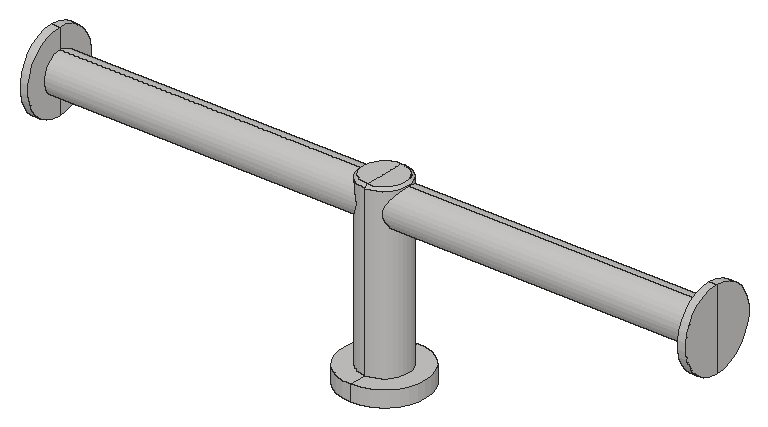
Revit family "Toilet_Roll_Holder-Double-Bobrick-Fino-B-9547", category Specialty Equipment, host Face, Revit 2018
Family settings
  Host = Face
  Round Connector Dimension = Use Diameter
  Part Type = Normal
  OmniClass Number = 23.40.20.21
  OmniClass Title = Toilet and Bath Specialties
  Cut with Voids When Loaded = No
  Shared = Yes
  Room Calculation Point = No
Parameters (values of type "B-9547")
  URL = "https://www.bobrick.com/"
  Type Comments = ""
  Retaining Disc Diameter = 1 1/4"
  Price = "Prices may vary. Please consult Manufacturer Representative for most up-to-date price list."  # constant formula
  Post Diameter = 3/4"
  Mounting Height From Floor = 26"
  Model = "B-9547"
  Material = "Stainless_Steel-Bobrick-Type_303-Satin_Finish"
  Manufacturer = "Bobrick"
  Length Of Post From Wall = 2 15/16"
  Installation Type = "Wall Mounted"
  Flange Cover Thickness Total = 1/4"
  Flange Cover Radius = Flange Cover Diameter / 2  # 21/32"
  Flange Cover Diameter = 1 5/16"
  Finish = Stainless_Steel-Bobrick-Type_303-Satin_Finish
  Dispenser Bar Length = 10 1/2"
  Dispenser Bar Diameter = 5/8"
  Description = "Fino Collection Double Toilet Roll Holder"
  Default Elevation = 0"
  Creation Date = "05/19/2021"  # constant formula
  Assembly Code = "C1030200"
Reference planes (in)
  plane 1 "Center (Front/Back)": y = 0
  plane 2: z = 0
  plane 3 "Center (Left/Right)": x = 0
  plane 4: z = 2.9375
  plane 5: y = 25.34375
  plane 6: y = 26
  plane 7: y = 24.6875
  plane 8: y = 24.96875
  plane 9: y = 25.71875
  plane 10: z = 2.58398
  plane 11: x = -0.375
  plane 12: x = 5.25
  plane 13: z = 2.89648
  plane 14: z = 2.27148
  plane 15: z = 3.20898
  plane 16: z = 1.95898
  plane 17: x = -5.25
  plane 18: x = 0.375
Forms (in)
  Revolve 1, solid, material "Stainless_Steel-Bobrick-Type_303-Satin_Finish" <- "Finish"
    sketch origin (0, 64.30143, 0) x (0, -1, 0) y (0, 0, -1)
      loop
        line (38.95768, 0) -> (38.30143, 0) -> (38.30143, -0.25) -> (38.58268, -0.25) -> (38.58268, -2.89669) -> (38.62349, -2.9375) -> (38.95768, -2.9375) -> (38.95768, 0)
      axis (38.95768, -2.9375) -> (38.95768, 0)
    angle from 0 to 360
  Revolve 2, void
    sketch origin (0, 73.07442, 0) x (0, -1, 0) y (0, 0, -1)
      loop
        line (47.73067, -0.62455) -> (47.73067, -0.52455) -> (47.07442, -0.52455) -> (47.07442, -0.62455) -> (47.73067, -0.62455)
      axis (47.07442, -0.62455) -> (47.73067, -0.62455)
    angle from 0 to 360
  Revolve 3, solid, material "Stainless_Steel-Bobrick-Type_303-Satin_Finish" <- "Finish"
    sketch origin (23.96867, 25.34375, 0) x (1, 0, 0) y (0, 0, -1)
      loop
        line (-18.71867, -2.58398) -> (-29.21867, -2.58398) -> (-29.21867, -3.20898) -> (-29.09367, -3.20898) -> (-29.09367, -2.89648) -> (-18.84367, -2.89648) -> (-18.84367, -3.20898) -> (-18.71867, -3.20898) -> (-18.71867, -2.58398)
      axis (-18.71867, -2.58398) -> (-29.21867, -2.58398)
    angle from 0 to 360
Cuts and joins
  Revolve 2 cuts Revolve 1
Lines and regions (in)
  Masking region 1
    outline origin (23.96867, 11.9375, 0) x (1, 0, 0) y (0, 0, -1)
      loop
        line (-18.71867, -3.20898) -> (-18.71867, -1.95898) -> (-18.84367, -1.95898) -> (-18.84367, -2.27148) -> (-23.59367, -2.27148) -> (-23.59367, -0.25) -> (-23.31242, -0.25) -> (-23.31242, 0) -> (-24.62492, 0) -> (-24.62492, -0.25) -> (-24.34367, -0.25) -> (-24.34367, -2.27148) -> (-29.09367, -2.27148) -> (-29.09367, -1.95898) -> (-29.21867, -1.95898) -> (-29.21867, -3.20898) -> (-29.09367, -3.20898) -> (-29.09367, -2.89648) -> (-24.34388, -2.89648) -> (-24.30286, -2.9375) -> (-23.63449, -2.9375) -> (-23.59347, -2.89648) -> (-18.84367, -2.89648) -> (-18.84367, -3.20898) -> (-18.71867, -3.20898)
  symbolic lines, detail levels fine
    curve 1: circle (0, 11.9375, 0.62455) r 0.1 normal (0, 1, 0)
    curve 5: line (-5.125, 11.9375, 2.89648) -> (0.3752, 11.9375, 2.89648)
  symbolic lines, detail levels medium+fine
    curve 2: line (-0.65625, 11.9375, 0.25) -> (0.59375, 11.9375, 0.25)
    curve 3: line (-5.125, 11.9375, 3.20898) -> (-5.125, 11.9375, 1.95898)
    curve 4: line (5.125, 11.9375, 3.20898) -> (5.125, 11.9375, 1.95898)
Dimensions and locks (in)
  host face to plane 4 = 2 15/16"
  "Length Of Post From Wall": plane 4 to host face
  "Flange Cover Diameter": plane 7 to plane 6
  locked: Revolve 2 sketch curve to Revolve 2 sketch curve at 0.1
  "Mounting Height From Floor": plane 1 "Center (Front/Back)" to plane 6
  equal spacing: plane 7, plane 5, plane 6
  equal spacing: plane 8, plane 5, plane 9
  "Post Diameter": plane 8 to plane 9
  locked: Revolve 3 sketch curve to Revolve 3 sketch curve at 0.625
  equal spacing: plane 14, plane 10, plane 13
  "Dispenser Bar Diameter": plane 14 to plane 13
  equal spacing: plane 16, plane 10, plane 15
  "Retaining Disc Diameter": plane 16 to plane 15
  locked: Revolve 3 sketch curve to Revolve 3 sketch curve at 0.125  (x2)
  equal spacing: plane 17, plane 3 "Center (Left/Right)", plane 12
  "Dispenser Bar Length": plane 17 to plane 12
  equal spacing: Masking region 1 sketch curve, plane 3 "Center (Left/Right)", Masking region 1 sketch curve
  plane 3 "Center (Left/Right)" to plane 11 = 3/8"
  equal spacing: plane 11, plane 3 "Center (Left/Right)", plane 18
  plane 11 to plane 18 = 3/4"
  aligned and locked: plane 2 to host face
  aligned and locked: level to host face
  aligned and locked: Revolve 1 sketch curve to plane 5
  aligned and locked: plane 4 to Revolve 1 sketch curve
  aligned and locked: Revolve 1 sketch curve to host face
  aligned and locked: Revolve 1 sketch curve to plane 6
  aligned and locked: Revolve 2 sketch curve to plane 6
  aligned and locked: Revolve 2 sketch curve to plane 5
  aligned and locked: Revolve 1 sketch curve to plane 9
  aligned and locked: plane 10 to Revolve 3 sketch curve
  aligned and locked: plane 13 to Revolve 3 sketch curve
  aligned and locked: Revolve 3 sketch curve to plane 15
  aligned and locked: plane 5 to Revolve 3
  aligned and locked: Revolve 3 sketch curve to plane 17
  aligned and locked: plane 15 to Revolve 3 sketch curve
  aligned and locked: Masking region 1 sketch curve to Revolve 3  (x4)
  aligned and locked: Masking region 1 sketch curve to plane 15
  aligned and locked: plane 14 to Masking region 1 sketch curve
  aligned and locked: Masking region 1 sketch curve to plane 16
  aligned and locked: Masking region 1 sketch curve to plane 13
  aligned and locked: Masking region 1 sketch curve to cut or joined group of Revolve 1, Revolve 2  (x2)
  aligned and locked: host face to Masking region 1 sketch curve
  aligned and locked: curve 1 to cut or joined group of Revolve 1, Revolve 2
  aligned and locked: curve 2 to cut or joined group of Revolve 1, Revolve 2
  aligned and locked: curve 3 to Revolve 3
  aligned and locked: curve 4 to Revolve 3
  aligned and locked: curve 5 to Masking region 1
Automatic sketch dimensions
  host sketch curve to host sketch curve = 96"
  host sketch curve to host sketch curve = 118"
  Revolve 2 sketch curve to Revolve 2 sketch curve = 0.39635"
  Revolve 2 sketch curve to Revolve 2 sketch curve = 0.17895"
  Revolve 1 sketch curve to plane 5 = 0"
  Revolve 1 sketch curve to plane 4 = 0.04081"
  level to Revolve 1 sketch curve = 1/4"
  Revolve 1 sketch curve to Revolve 1 sketch curve = 0.04081"
  Revolve 1 sketch curve to Revolve 1 sketch curve = 3.79081"
  Revolve 1 sketch curve to Revolve 1 sketch curve = 3 3/4"
  level to Revolve 2 sketch curve = 0.62455"
  Revolve 2 sketch curve to Revolve 2 sketch curve = 0"
  plane 12 to Revolve 3 sketch curve = 0"
  plane 3 "Center (Left/Right)" to Revolve 3 sketch curve = 3/4"
  Revolve 3 sketch curve to Revolve 3 sketch curve = 3/8"
  Masking region 1 sketch curve to plane 16 = 0"
  Masking region 1 sketch curve to plane 11 = 0"
  Masking region 1 sketch curve to plane 14 = 0"
  Masking region 1 sketch curve to plane 15 = 0"
  Masking region 1 sketch curve to Masking region 1 sketch curve = 1/8"  (x2)
  Masking region 1 sketch curve to Masking region 1 sketch curve = 9/32"  (x2)
  plane 3 "Center (Left/Right)" to Masking region 1 sketch curve = 0.33419"
  level to Masking region 1 sketch curve = 1/4"
  Masking region 1 sketch curve to plane 11 = 0.0002"
  plane 11 to Masking region 1 sketch curve = 0.04081"
  Masking region 1 sketch curve to Masking region 1 sketch curve = 0.04102"
  Masking region 1 sketch curve to plane 13 = 0"
  curve 4 to plane 15 = 0"
  curve 3 to plane 15 = 0"
  curve 3 to plane 16 = 0"
  curve 4 to plane 16 = 0"
  curve 2 to plane 11 = 9/32"
  plane 3 "Center (Left/Right)" to curve 5 = 0.3752"
  plane 3 "Center (Left/Right)" to curve 2 = 19/32"
